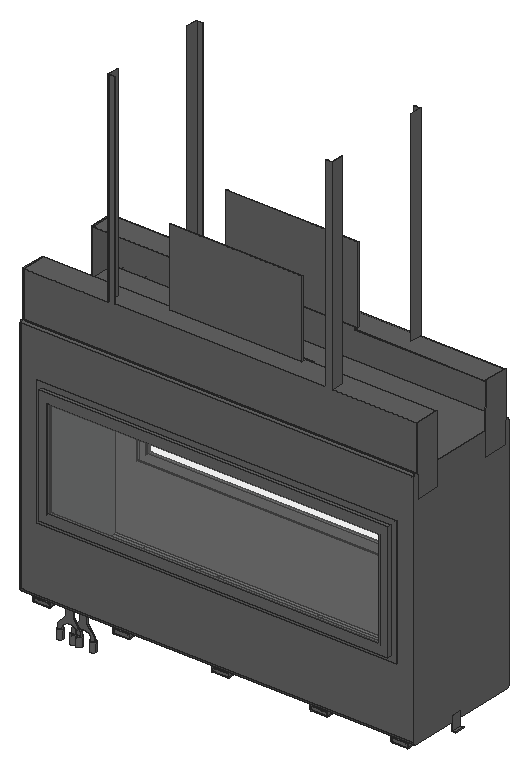
Revit family "Fireplaces_Gas_FireplaceX-Model-4415ST_10305648", category Mechanical Equipment, Revit 2026
Family settings
  Round Connector Dimension = Use Diameter
  Part Type = Normal
  Classification Number = 23.75.00.00
  Work Plane-Based = Yes
  Always vertical = Yes
  Cut with Voids When Loaded = Yes
  Maintain Annotation Orientation = No
  Shared = No
  Room Calculation Point = No
Parameters
  Unit Width = 51 3/16"  # constant formula
  URL = "https://www.davincifireplace.com/"
  Type Comments = ""
  Specification = "https://www.arcat.com/company/davinci-custom-fireplaces-a-division-of-travis-industries-49714/spec"
  R = 2"
  Product Page URL = "https://www.arcat.com/arcatcos/cos49/arc49714.html"
  Pressure Ranges [instance] = "5.5 - 7wc for NG  ;  11 - 13wc for LP"  # constant formula
  Opening Height = 15.2"
  Keynote = "10 31 00"
  Electrical_Number of Poles = 1
  Model = ""
  Manufacturer = "DaVinci Custom Fireplaces , Travis Industries Division"  # constant formula
  Installation Phase = ""
  Inlet Volume [instance] = 0 CFM
  HVAC_Outlet Volume [instance] = 0 CFM
  HVAC_Exit Temperature [instance] = 0 °F
  HVAC_Exit Diameter [instance] = 0"
  HVAC_Entry Diameter [instance] = 0"
  HVAC_BTU Input = 70000.0 Btu/h
  Gas Connection Inlet Diameter = 3/4"
  Unit Height = 37 9/32"  # constant formula
  Green Building-LEED = ""
  Glass = Glass - DaVinci - Clear
  Fuel Type = "LP"
  Electrical_Voltage = 120 V
  Exhaust Dia = R * 2  # 4"
  Electrical_VA [instance] = Electrical_Voltage * Electrical_Amperage  # 840 VA
  Electrical_Amperage = 7 A
  Unit Depth = 16 9/32"  # constant formula
  Description = ""
  Default Elevation = 48"
  Cost = 0
  Copyright = "©2021 ARCAT, Inc"  # constant formula
  Construction Details = "https://www.arcat.com/company/davinci-custom-fireplaces-a-division-of-travis-industries-49714/cad"
  Building Codes = ""
  Assembly Code = ""
Reference planes (in)
  plane 1 "Center (Front/Back)": y = 0
  plane 2: z = 0
  plane 3 "Center (Left/Right)": x = 0
  plane 4: y = 15.78125
  plane 5: x = 25.59375
  plane 6: x = -25.59375
  plane 7: z = 9.436
  plane 8: z = 37.28125
  plane 9: z = 24.636
  plane 10: x = -14.53875
  plane 11: x = 14.53625
  plane 12: x = 24.28125
  plane 13: x = -24.28125
  plane 14: z = 63.669
  plane 15: y = 13.22766
  plane 16: y = 10.082
  plane 17: y = 2.5355
  plane 18: y = 4.16191
  plane 19: z = 31.40625
  plane 20: y = 0.5
  plane 21: x = -25.46875
  plane 22: x = 25.46875
  plane 23: y = 0.9995
  plane 24: x = -5.27644
  plane 25: x = 5.27644
  plane 26: z = 36.53125
  plane 27: x = 24.97091
  plane 28: x = -24.96875
  plane 29: y = 7.89062
  plane 30: y = 12.42966
  plane 31: y = 6.207
  plane 32: x = 24.63525
  plane 33: x = -24.63525
  plane 34: z = 31.46875
  plane 35: x = 25.53092
  plane 36: x = -25.52934
  plane 37: x = -19.52076
  plane 38: x = -17.75921
  plane 39: y = 0
  plane 40: y = 0.25085
  plane 41: y = 16.28125
  plane 42: y = 16.0304
  plane 43: y = 15.28175
  plane 44: x = 22.61451
  plane 45: x = -22.61451
  plane 46: y = 15.84375
  plane 47: y = 0.4375
Forms (in)
  Sweep 1, solid, material "Media - DaVinci - as Specified"
    path origin (0, 0, 0) x (1, 0, 0) y (0, 0, 1)
      loop
        line (22.61451, 24.636) -> (-22.61451, 24.636) -> (-22.61451, 9.436) -> (22.61451, 9.436) -> (22.61451, 24.636)
    profile origin (0, 0, 24.636) x (0, 0, -1) y (0, -1, 0)
      loop
        line (0.10101, -0.5) -> (0.10101, -0.33985) -> (1.20917, -0.33985) -> (1.20917, -0.25085) -> (0.95917, -0.25085) -> (0.95917, 0) -> (1.20917, 0) -> (1.20917, 0.12415) -> (0, 0.12415) -> (0, -0.4375) -> (-0.68446, -0.4375) -> (-0.68446, -0.5) -> (0.10101, -0.5)
      loop
        line (0.10101, -15.78125) -> (-0.68446, -15.78125) -> (-0.68446, -15.84375) -> (0, -15.84375) -> (0, -16.4054) -> (1.20917, -16.4054) -> (1.20917, -16.28125) -> (0.95917, -16.28125) -> (0.95917, -16.0304) -> (1.20917, -16.0304) -> (1.20917, -15.9414) -> (0.10101, -15.9414) -> (0.10101, -15.78125)
  Extrusion 2, solid, material "Media - DaVinci - as Specified"
    sketch origin (0, 0, 0) x (0, 1, 0) y (0, 0, 1)
      loop
        arc (15.53125, 0) -> (15.70803, 0.07322) -> (15.78125, 0.25) r 0.25
        line (15.78125, 0.25) -> (15.78125, 31.15625)
        arc (15.78125, 31.15625) -> (15.70803, 31.33303) -> (15.53125, 31.40625) r 0.25
        line (15.53125, 31.40625) -> (15.28175, 31.40625) -> (15.28175, 37.28125) -> (12.11934, 37.28125) -> (12.11934, 37.21875) -> (15.21925, 37.21875) -> (15.21925, 31.40625) -> (1.062, 31.40625) -> (1.062, 37.21875) -> (4.16191, 37.21875) -> (4.16191, 37.28125) -> (0.9995, 37.28125) -> (0.9995, 31.40625) -> (0.75, 31.40625)
        arc (0.75, 31.40625) -> (0.57322, 31.33303) -> (0.5, 31.15625) r 0.25
        line (0.5, 31.15625) -> (0.5, 0.286)
        arc (0.5, 0.286) -> (0.58377, 0.08377) -> (0.786, 0) r 0.286
        line (0.786, 0) -> (15.53125, 0)
      loop
        arc (15.53125, 0.0625) -> (15.66383, 0.11742) -> (15.71875, 0.25) r 0.1875
        line (15.71875, 0.25) -> (15.71875, 31.15625)
        arc (15.71875, 31.15625) -> (15.66383, 31.28883) -> (15.53125, 31.34375) r 0.1875
        line (15.53125, 31.34375) -> (0.75, 31.34375)
        arc (0.75, 31.34375) -> (0.61742, 31.28883) -> (0.5625, 31.15625) r 0.1875
        line (0.5625, 31.15625) -> (0.5625, 0.286)
        arc (0.5625, 0.286) -> (0.62796, 0.12796) -> (0.786, 0.0625) r 0.2235
        line (0.786, 0.0625) -> (15.53125, 0.0625)
    from -25.46875 to 25.46875
  Sweep 3, solid, material "Media - DaVinci - as Specified"
    path origin (-31.50399, 0.9995, 48) x (-1, 0, 0) y (0, 0, 1)
      loop
        line (-16.96524, 15.669) -> (-16.96524, -10.71875)
    profile origin (-14.53875, 0.9995, 50.47513) x (0, 1, 0) y (-1, 0, 0)
      loop
        line (0, 0) -> (0, -0.86281) -> (0.0625, -0.86281) -> (0.0625, -0.0625) -> (1.536, -0.0625) -> (1.536, 0) -> (0, 0)
      loop
        line (14.28225, 0) -> (12.74625, 0) -> (12.74625, -0.0625) -> (14.21975, -0.0625) -> (14.21975, -0.86281) -> (14.28225, -0.86281) -> (14.28225, 0)
  Sweep 4, solid, material "Media - DaVinci - as Specified"
    path origin (-31.50399, 0.9995, 48) x (-1, 0, 0) y (0, 0, 1)
      loop
        line (-46.04024, 15.669) -> (-46.04024, -10.71875)
    profile origin (14.53625, 0.9995, 50.47513) x (0, 1, 0) y (-1, 0, 0)
      loop
        line (0.0625, 0.0625) -> (0.0625, 0.86281) -> (0, 0.86281) -> (0, 0) -> (1.536, 0) -> (1.536, 0.0625) -> (0.0625, 0.0625)
      loop
        line (14.21975, 0.0625) -> (12.74625, 0.0625) -> (12.74625, 0) -> (14.28225, 0) -> (14.28225, 0.86281) -> (14.21975, 0.86281) -> (14.21975, 0.0625)
  Revolve 5, solid, material "Media - DaVinci - as Specified"
    sketch origin (0, 0, 0) x (0, 1, 0) y (0, 0, 1)
      loop
        line (9.89063, 33.91393) -> (9.89063, 33.34378) -> (11.35229, 33.34378) -> (11.35229, 31.40625) -> (12.1968, 31.40625) -> (12.1968, 31.53125) -> (11.75489, 31.53125)
        arc (11.75489, 31.53125) -> (11.79529, 31.7021) -> (11.71505, 31.85825) r 0.25363
        line (11.71505, 31.85825) -> (11.71505, 32.40625) -> (11.60229, 32.40625) -> (11.60229, 33.59378) -> (10.24862, 33.59378) -> (10.24862, 33.62623) -> (10.39308, 33.87643) -> (10.32812, 33.91393) -> (9.89063, 33.91393)
      axis (7.89062, 33.91393) -> (7.89062, 31.40625)
    angle from 0 to 360
  Extrusion 6, solid, material "Media - DaVinci - as Specified"
    sketch origin (0, 0, 0) x (0, 1, 0) y (0, 0, 1)
      loop
        line (0.786, 0) -> (15.53125, 0)
        arc (15.53125, 0) -> (15.70803, 0.07322) -> (15.78125, 0.25) r 0.25
        line (15.78125, 0.25) -> (15.78125, 31.15625)
        arc (15.78125, 31.15625) -> (15.70803, 31.33303) -> (15.53125, 31.40625) r 0.25
        line (15.53125, 31.40625) -> (0.75, 31.40625)
        arc (0.75, 31.40625) -> (0.57322, 31.33303) -> (0.5, 31.15625) r 0.25
        line (0.5, 31.15625) -> (0.5, 0.286)
        arc (0.5, 0.286) -> (0.58377, 0.08377) -> (0.786, 0) r 0.286
    from -25.52934 to -25.46875
  Extrusion 7, solid, material "Media - DaVinci - as Specified"
    sketch origin (0, 0, 0) x (0, 1, 0) y (0, 0, 1)
      loop
        arc (0.5, 0.286) -> (0.58377, 0.08377) -> (0.786, 0) r 0.286
        line (0.786, 0) -> (15.53125, 0)
        arc (15.53125, 0) -> (15.70803, 0.07322) -> (15.78125, 0.25) r 0.25
        line (15.78125, 0.25) -> (15.78125, 31.15625)
        arc (15.78125, 31.15625) -> (15.70803, 31.33303) -> (15.53125, 31.40625) r 0.25
        line (15.53125, 31.40625) -> (0.75, 31.40625)
        arc (0.75, 31.40625) -> (0.57322, 31.33303) -> (0.5, 31.15625) r 0.25
        line (0.5, 31.15625) -> (0.5, 0.286)
    from 25.46875 to 25.53092
  Extrusion 8, solid, material "Media - DaVinci - as Specified"
    sketch origin (0, 0, 0) x (0, 1, 0) y (0, 0, 1)
      loop
        line (4.16191, 28.45025) -> (4.16191, 34.05884) -> (4.0355, 34.18525) -> (4.0355, 37.28125) -> (0.9995, 37.28125) -> (0.9995, 31.40625) -> (1.1135, 31.40625) -> (1.1135, 28.45025) -> (4.16191, 28.45025)
    from -25.59375 to -25.46875
  Extrusion 9, solid, material "Media - DaVinci - as Specified"
    sketch origin (0, 0, 0) x (0, 1, 0) y (0, 0, 1)
      loop
        line (4.16191, 28.45025) -> (4.16191, 34.05884) -> (4.0355, 34.18525) -> (4.0355, 37.28125) -> (0.9995, 37.28125) -> (0.9995, 31.40625) -> (1.1135, 31.40625) -> (1.1135, 28.45025) -> (4.16191, 28.45025)
    from 25.46875 to 25.59375
  Sweep 10, solid, material "Media - DaVinci - as Specified"
    path origin (-25.59375, 27.12844, 48) x (0, 1, 0) y (0, 0, 1)
      loop
        line (-19.23781, -48) -> (-20.46731, -48)
    profile origin (-25.59375, 7.27588, 0) x (0, 0, -1) y (1, 0, 0)
      loop
        line (-0.751, 0) -> (0.95162, 0) -> (0.95162, -0.43259) -> (1.02396, -0.43259) -> (1.02396, 0.06441) -> (-0.751, 0.06441) -> (-0.751, 0)
  Sweep 11, solid, material "Media - DaVinci - as Specified"
    path origin (25.59375, 27.12844, 48) x (0, 1, 0) y (0, 0, 1)
      loop
        line (-20.46731, -48) -> (-19.23781, -48)
    profile origin (25.59375, 7.27588, 0) x (0, 0, 1) y (1, 0, 0)
      loop
        line (0.751, 0.00158) -> (-0.95162, 0.00158) -> (-0.95162, 0.43417) -> (-1.02396, 0.43417) -> (-1.02396, -0.06283) -> (0.751, -0.06283) -> (0.751, 0.00158)
  Revolve 12, void
    sketch origin (0, 0, 0) x (0, 1, 0) y (0, 0, 1)
      loop
        line (9.89062, 27.9559) -> (11.35229, 27.9559) -> (11.35229, 31.53125) -> (7.89062, 31.53125) -> (7.89062, 24.636) -> (9.89062, 24.636) -> (9.89062, 27.9559)
      axis (7.89062, 31.53125) -> (7.89062, 24.636)
    angle from 0 to 360
  Extrusion 13, solid, material "Glass - DaVinci - Clear" <- "Glass"
    sketch origin (-31.50399, 15.78125, 48) x (-1, 0, 0) y (0, 0, 1)
      loop
        line (-53.15933, -24.32317) -> (-53.15933, -37.60483) -> (-9.84865, -37.60483) -> (-9.84865, -24.32317) -> (-53.15933, -24.32317)
    from -15.5304 to -15.78125
  Extrusion 14, void
    sketch origin (0, 0, 0) x (1, 0, 0) y (0, 0, 1)
      loop
        line (-22.61451, 24.636) -> (-22.61451, 9.436) -> (22.61451, 9.436) -> (22.61451, 24.636) -> (-22.61451, 24.636)
    from -16.9414 to 0.34362
  Extrusion 15, void
    sketch origin (-31.50399, 15.78125, 48) x (1, 0, 0) y (0, 0, 1)
      loop
        line (5.91024, -48) -> (57.09774, -48) -> (57.09774, -10.71875) -> (46.04024, -10.71875) -> (46.04024, 15.669) -> (16.96524, 15.669) -> (16.96524, -10.71875) -> (5.91024, -10.71875) -> (5.91024, -48)
    from -0.0625 to 15.28125
  Extrusion 16, void
    sketch origin (-31.50399, 15.78125, 48) x (1, 0, 0) y (0, 0, 1)
      loop
        line (54.1185, -23.364) -> (8.88948, -23.364) -> (8.88948, -38.564) -> (54.1185, -38.564) -> (54.1185, -23.364)
    from -2.94081 to 17.12487
  Extrusion 17, solid, material "Media - DaVinci - as Specified"
    sketch origin (-25.59375, 27.12844, 48) x (0, 1, 0) y (0, 0, 1)
      loop
        circle (-22.96652, -43.65247) r 0.25
    from 0.06441 to -0.87185
  Extrusion 18, solid, material "Media - DaVinci - as Specified"
    sketch origin (0, 0, 0) x (1, 0, 0) y (0, 1, 0)
      loop
        line (-3.02644, 12.42966) -> (-5.27644, 10.17966) -> (-5.27644, 5.60159) -> (-3.02701, 3.35216) -> (3.02701, 3.35216) -> (5.27644, 5.60159) -> (5.27644, 10.17966) -> (3.02644, 12.42966) -> (-3.02644, 12.42966)
    from 31.40625 to 31.46875
  Extrusion 19, solid, material "Glass - DaVinci - Clear" <- "Glass"
    sketch origin (-31.50399, 0, 48) x (-1, 0, 0) y (0, 0, -1)
      loop
        line (-53.15933, 24.32317) -> (-9.84865, 24.32317) -> (-9.84865, 37.60483) -> (-53.15933, 37.60483) -> (-53.15933, 24.32317)
    from -16.0304 to -16.28125
  Extrusion 20, solid, material "Media - DaVinci - as Specified"
    sketch origin (0, 16.78125, 0) x (0, -1, 0) y (0, 0, -1)
      loop
        line (4.66191, -28.45025) -> (1.6135, -28.45025) -> (1.6135, -31.40625) -> (1.4995, -31.40625) -> (1.4995, -37.28125) -> (4.5355, -37.28125) -> (4.5355, -34.18525) -> (4.66191, -34.05884) -> (4.66191, -28.45025)
    from -25.59375 to -25.46875
  Extrusion 21, solid, material "Media - DaVinci - as Specified"
    sketch origin (0, 16.78125, 0) x (0, -1, 0) y (0, 0, -1)
      loop
        line (4.66191, -28.45025) -> (1.6135, -28.45025) -> (1.6135, -31.40625) -> (1.4995, -31.40625) -> (1.4995, -37.28125) -> (4.5355, -37.28125) -> (4.5355, -34.18525) -> (4.66191, -34.05884) -> (4.66191, -28.45025)
    from 25.46875 to 25.59375
  Extrusion 22, void
    sketch origin (0, 0, 0) x (1, 0, 0) y (0, 1, 0)
      loop
        line (-8.56375, 12.61934) -> (-8.56375, 3.66191) -> (8.56125, 3.66191) -> (8.56125, 12.61934) -> (-8.56375, 12.61934)
    from 36.53125 to 37.28125
  Extrusion 23, solid, material "Media - DaVinci - as Specified"
    sketch origin (0, 0, 0) x (1, 0, 0) y (0, 1, 0)
      loop
        line (-8.56375, 12.61934) -> (8.56125, 12.61934) -> (8.56125, 12.68184) -> (-8.56375, 12.68184) -> (-8.56375, 12.61934)
      loop
        line (-8.56375, 3.59941) -> (8.56125, 3.59941) -> (8.56125, 3.66191) -> (-8.56375, 3.66191) -> (-8.56375, 3.59941)
    from 37.28125 to 47.246
Cuts and joins
  Revolve 12, Extrusion 14, Extrusion 22 cuts Extrusion 2
  Extrusion 16, Extrusion 22 cuts Sweep 3
  Extrusion 16, Extrusion 22 cuts Sweep 4
  Extrusion 16, Extrusion 22 cuts Revolve 5
  Revolve 12, Extrusion 22 cuts Extrusion 18
  joined: Extrusion 2, Sweep 3, Sweep 4, Revolve 5, Extrusion 18
  Revolve 12 cuts Extrusion 6
Dimensions and locks (in)
  equal spacing: plane 6, plane 3 "Center (Left/Right)", plane 5
  "Unit Width": plane 6 to plane 5
  "Unit Height": plane 8 to plane 2
  locked: plane 7 to level at 9.436
  locked: plane 6 to plane 21 at 0.125
  locked: plane 22 to plane 5 at 0.125
  locked: plane 5 to plane 12 at 1.3125
  locked: plane 13 to plane 6 at 1.3125
  "Opening Height": plane 9 to plane 7
  equal spacing: plane 24, plane 3 "Center (Left/Right)", plane 25, locked at 5.27644 each
  locked: plane 24 to plane 25 at 10.55288
  locked: plane 26 to plane 8 at 0.75
  locked: plane 19 to plane 8 at 5.875
  locked: plane 27 to plane 5 at 0.62284
  locked: plane 6 to plane 28 at 0.625
  Revolve 5 sketch curve to Revolve 5 sketch curve to Revolve 5 sketch curve to Revolve 5 sketch curve to Revolve 5 sketch curve to Revolve 5 sketch curve to Revolve 5 sketch curve = 0.48175" locked, 0.11276" locked, 1.20922" locked, 0.06495" locked, 0.0795" locked, 0.358" locked
  "R": Revolve 5 sketch curve to plane 29
  locked: Revolve 5 sketch curve to Revolve 5 sketch curve at 0.25  (x2)
  equal spacing: plane 4, plane 29, plane 1 "Center (Front/Back)"
  locked: plane 32 to plane 5 at 0.9585
  locked: plane 6 to plane 33 at 0.9585
  plane 16 to plane 18 to plane 17 to plane 1 "Center (Front/Back)" = 5.92009" locked, 1.62641" locked, 2.5355" locked
  locked: plane 31 to plane 18 at 2.04509
  plane 4 to plane 15 to plane 30 = 2.55359" locked, 0.798" locked
  locked: plane 19 to plane 34 at 0.0625
  locked: plane 20 to Sweep 1 sketch curve at 0.0625
  locked: plane 5 to nested 5 at 2.3125
  locked: nested 1 to plane 21 at 2.3125
  equal spacing: plane 3 "Center (Left/Right)", nested 2, plane 6
  equal spacing: plane 5, nested 4, plane 3 "Center (Left/Right)"
  plane 6 to plane 21 = 1/8"
  locked: plane 35 to plane 5 at 0.06283
  locked: plane 6 to plane 36 at 0.06441
  locked: Revolve 12 sketch curve to Revolve 12 sketch curve at 1.46167
  "R": Revolve 12 sketch curve to Revolve 12 sketch curve
  locked: plane 9 to Revolve 12 sketch curve at 3.3199
  plane 6 to plane 37 to plane 38 = 6.07299" locked, 1.76155" locked
  locked: plane 29 to Sweep 11 sketch curve at 1.2295
  locked: plane 29 to Sweep 10 sketch curve at 1.2295
  locked: Extrusion 2 sketch curve to plane 8 at 0.0625
  locked: Extrusion 2 sketch curve to plane 23 at 0.0625
  locked: plane 6 to Extrusion 17 at 0.87185
  locked: plane 40 to plane 1 "Center (Front/Back)" at 0.25085
  plane 11 to plane 3 "Center (Left/Right)" to plane 10 = 14.53625", 14.53875"
  plane 1 "Center (Front/Back)" to plane 40 to plane 20 = 0.25085" locked, 0.24915" locked
  plane 4 to Sweep 3 sketch curve = 0.4995"
  locked: plane 4 to Sweep 4 sketch curve at 0.4995
  equal spacing: plane 44, plane 3 "Center (Left/Right)", plane 45
  plane 44 to plane 45 = 45.22902"
  "Unit Depth": plane 41 to plane 39
  plane 4 to plane 42 to plane 41 = 0.24915" locked, 0.25085" locked
  locked: plane 46 to plane 4 at 0.0625
  locked: plane 20 to plane 47 at 0.0625
  aligned and locked: level to plane 2
  aligned and locked: Sweep 1 sketch curve to plane 9
  aligned and locked: Sweep 1 sketch curve to plane 7
  aligned and locked: level to Extrusion 2 sketch curve
  aligned and locked: plane 20 to Extrusion 2 sketch curve
  aligned and locked: plane 19 to Extrusion 2 sketch curve
  aligned and locked: plane 22 to Extrusion 2
  aligned and locked: Extrusion 2 to plane 21
  aligned and locked: plane 8 to Extrusion 2 sketch curve  (x2)
  aligned and locked: Extrusion 2 sketch curve to plane 18
  aligned and locked: plane 14 to Sweep 3 sketch curve
  aligned and locked: plane 10 to Sweep 3 sketch curve
  aligned and locked: plane 17 to Sweep 3 sketch curve
  aligned and locked: Sweep 3 sketch curve to plane 10
  aligned and locked: Sweep 3 sketch curve to plane 23
  aligned and locked: Sweep 4 sketch curve to plane 11  (x2)
  aligned and locked: plane 14 to Sweep 4 sketch curve
  aligned and locked: plane 23 to Sweep 4 sketch curve
  aligned and locked: Sweep 4 sketch curve to plane 17
  aligned and locked: Revolve 5 sketch curve to plane 29
  aligned and locked: plane 20 to Sweep 1 sketch curve
  aligned and locked: plane 1 "Center (Front/Back)" to nested 1
  aligned and locked: nested 3 to plane 3 "Center (Left/Right)"
  aligned and locked: plane 21 to Extrusion 6
  aligned and locked: Extrusion 6 to plane 36
  aligned and locked: Extrusion 6 sketch curve to cut or joined group 1 (Extrusion 2, Sweep 3, Sweep 4, Revolve 5, Revolve 12, Extrusion 14, Extrusion 16, Extrusion 18, Extrusion 22)  (x4)
  aligned and locked: Extrusion 7 sketch curve to cut or joined group 1  (x4)
  aligned and locked: Extrusion 7 to plane 22
  aligned and locked: plane 35 to Extrusion 7
  aligned and locked: plane 1 "Center (Front/Back)" to nested 5
  aligned and locked: plane 1 "Center (Front/Back)" to nested 4
  aligned and locked: plane 1 "Center (Front/Back)" to nested 3
  aligned and locked: plane 1 "Center (Front/Back)" to nested 2
  aligned and locked: plane 18 to Extrusion 8 sketch curve
  aligned and locked: plane 18 to Extrusion 9 sketch curve
  aligned and locked: Extrusion 9 sketch curve to plane 19
  aligned and locked: Extrusion 9 sketch curve to plane 23
  aligned and locked: Extrusion 9 to plane 8
  aligned and locked: Extrusion 8 to plane 8
  aligned and locked: Extrusion 9 to plane 22
  aligned and locked: plane 21 to Extrusion 8
  aligned and locked: Extrusion 8 to plane 6
  aligned and locked: plane 5 to Extrusion 9
  aligned and locked: plane 37 to nested 6
  aligned and locked: plane 38 to nested 7
  aligned and locked: nested 6 to plane 23
  aligned and locked: nested 7 to plane 23
  aligned and locked: level to Sweep 10 sketch curve
  aligned and locked: plane 29 to Sweep 10 sketch curve
  aligned and locked: Sweep 10 sketch curve to plane 6
  aligned and locked: plane 29 to Sweep 11 sketch curve
  aligned and locked: Sweep 11 sketch curve to level
  aligned and locked: Revolve 12 sketch curve to Revolve 12 sketch curve
  aligned and locked: Revolve 12 sketch curve to plane 29
  aligned and locked: Revolve 12 sketch curve to plane 9
  aligned and locked: Extrusion 13 sketch curve to Sweep 1  (x4)
  aligned and locked: plane 40 to Extrusion 13
  aligned and locked: Extrusion 13 to plane 39
  aligned and locked: plane 9 to Extrusion 14 sketch curve
  aligned and locked: plane 7 to Extrusion 14 sketch curve
  aligned and locked: Extrusion 15 sketch curve to level
  aligned and locked: Extrusion 15 sketch curve to plane 6
  aligned and locked: Extrusion 15 sketch curve to plane 5
  aligned and locked: Extrusion 15 sketch curve to plane 10
  aligned and locked: Extrusion 15 sketch curve to plane 14
  aligned and locked: Extrusion 15 sketch curve to plane 11
  aligned and locked: Extrusion 15 sketch curve to plane 8
  aligned and locked: Extrusion 15 to Sweep 1
  aligned and locked: Extrusion 16 sketch curve to plane 9
  aligned and locked: Extrusion 16 sketch curve to plane 7
  aligned and locked: plane 18 to Extrusion 17 sketch curve
  aligned and locked: plane 36 to Extrusion 17
  aligned and locked: plane 40 to Sweep 1
  aligned and locked: plane 39 to Sweep 1
  aligned and locked: plane 39 to plane 1 "Center (Front/Back)"
  aligned and locked: Extrusion 18 sketch curve to plane 30
  aligned and locked: plane 24 to Extrusion 18 sketch curve
  aligned and locked: Extrusion 18 sketch curve to plane 25
  aligned and locked: plane 19 to Extrusion 18
  aligned and locked: Extrusion 18 to plane 34
  aligned and locked: plane 4 to Extrusion 2 sketch curve
  aligned and locked: Extrusion 20 to cut or joined group 1
  aligned and locked: Extrusion 20 to plane 8
  aligned and locked: plane 8 to Sweep 3 sketch curve
  aligned and locked: plane 8 to Sweep 4 sketch curve
  aligned and locked: plane 26 to Extrusion 22
  aligned and locked: Extrusion 22 to plane 8
  aligned and locked: Extrusion 23 sketch curve to cut or joined group 1  (x2)
  aligned and locked: plane 21 to Extrusion 20
  aligned and locked: Extrusion 20 to plane 6
  aligned and locked: Extrusion 21 to plane 22
  aligned and locked: plane 5 to Extrusion 21
  aligned and locked: Sweep 1 sketch curve to plane 44
  aligned and locked: Sweep 1 sketch curve to plane 45
  aligned and locked: Extrusion 16 sketch curve to plane 45
  aligned and locked: Extrusion 16 sketch curve to plane 44
  aligned and locked: plane 44 to Extrusion 14 sketch curve
  aligned and locked: plane 45 to Extrusion 14 sketch curve
  aligned and locked: Extrusion 19 to Sweep 1  (x2)
  aligned and locked: plane 46 to Extrusion 15
  aligned and locked: Extrusion 19 to plane 42
  aligned and locked: Extrusion 19 to plane 41
  aligned and locked: Extrusion 22 to Extrusion 23
  aligned and locked: Extrusion 23 to Extrusion 22
Automatic sketch dimensions
  Extrusion 2 sketch curve to Extrusion 2 sketch curve = 0"  (x8)
  Extrusion 2 sketch curve to plane 23 = 0"
  plane 19 to Extrusion 2 sketch curve = 0"
  Extrusion 2 sketch curve to Extrusion 2 sketch curve = 1/16"  (x2)
  Extrusion 2 sketch curve to Extrusion 2 sketch curve = 3/16"  (x3)
  Extrusion 2 sketch curve to plane 23 = 0.2135"
  Extrusion 2 sketch curve to plane 30 = 0.31032"
  Extrusion 2 sketch curve to Extrusion 2 sketch curve = 0.4995"
  plane 8 to Extrusion 2 sketch curve = 1/16"
  plane 19 to Extrusion 8 sketch curve = 0"
  Extrusion 8 sketch curve to plane 23 = 0"
  plane 8 to Extrusion 8 sketch curve = 0"
  plane 23 to Extrusion 8 sketch curve = 0.114"
  Extrusion 8 sketch curve to plane 18 = 0.12641"
  plane 19 to Extrusion 8 sketch curve = 2.956"
  plane 26 to Extrusion 8 sketch curve = 2.47241"
  Extrusion 8 sketch curve to Extrusion 8 sketch curve = 0.12641"
  plane 8 to Extrusion 9 sketch curve = 0"
  plane 23 to Extrusion 9 sketch curve = 0.114"
  Extrusion 9 sketch curve to plane 18 = 0.12641"
  plane 19 to Extrusion 9 sketch curve = 2.956"
  plane 26 to Extrusion 9 sketch curve = 2.47241"
  Extrusion 9 sketch curve to Extrusion 9 sketch curve = 0.12641"
  profile plane to Sweep 10 sketch curve = 0.751"
  Sweep 10 sketch curve to profile plane = 0.95162"
  Sweep 10 sketch curve to Sweep 10 sketch curve = 0.07234"
  Sweep 10 sketch curve to plane 6 = 0.43259"
  plane 6 to Sweep 10 sketch curve = 0.06441"
  Sweep 11 sketch curve to plane 5 = 0.06283"
  profile plane to Sweep 11 sketch curve = 1.02396"
  plane 5 to Sweep 11 sketch curve = 0.00158"
  Sweep 11 sketch curve to Sweep 11 sketch curve = 0.07234"
  Sweep 11 sketch curve to profile plane = 0.751"
  plane 5 to Sweep 11 sketch curve = 0.43417"
  Extrusion 15 sketch curve to plane 8 = 0"
  level to Extrusion 17 sketch curve = 4.34753"
  Extrusion 19 sketch curve to plane 12 = 2.62591"
  Extrusion 19 sketch curve to plane 13 = 2.62591"
  plane 9 to Extrusion 19 sketch curve = 0.95917"
  plane 7 to Extrusion 19 sketch curve = 0.95917"
  plane 19 to Extrusion 20 sketch curve = 0"
  plane 8 to Extrusion 20 sketch curve = 0"
  plane 4 to Extrusion 20 sketch curve = 0.4995"
  plane 4 to Extrusion 20 sketch curve = 0.6135"
  plane 30 to Extrusion 20 sketch curve = 0.18391"
  plane 30 to Extrusion 20 sketch curve = 0.31032"
  Extrusion 20 sketch curve to plane 19 = 2.956"
  Extrusion 20 sketch curve to plane 26 = 2.47241"
  Extrusion 20 sketch curve to Extrusion 20 sketch curve = 0.12641"
  plane 19 to Extrusion 21 sketch curve = 0"
  plane 8 to Extrusion 21 sketch curve = 0"
  plane 4 to Extrusion 21 sketch curve = 0.4995"
  plane 4 to Extrusion 21 sketch curve = 0.6135"
  plane 30 to Extrusion 21 sketch curve = 0.18391"
  plane 30 to Extrusion 21 sketch curve = 0.31032"
  Extrusion 21 sketch curve to plane 19 = 2.956"
  Extrusion 21 sketch curve to plane 26 = 2.47241"
  Extrusion 21 sketch curve to Extrusion 21 sketch curve = 0.12641"
  Sweep 3 sketch curve to profile plane = 0"
  plane 23 to Sweep 3 sketch curve = 1/16"
  profile plane to Sweep 3 sketch curve = 1/16"  (x2)
  Sweep 3 sketch curve to Sweep 3 sketch curve = 1.4735"
  Sweep 3 sketch curve to Sweep 3 sketch curve = 1/16"
  Sweep 3 sketch curve to Sweep 3 sketch curve = 0.80031"  (x2)
  Sweep 4 sketch curve to profile plane = 0"
  plane 23 to Sweep 4 sketch curve = 1/16"
  Sweep 4 sketch curve to profile plane = 1/16"  (x2)
  Sweep 4 sketch curve to Sweep 4 sketch curve = 1.4735"
  Sweep 4 sketch curve to Sweep 4 sketch curve = 1/16"
  Sweep 4 sketch curve to Sweep 4 sketch curve = 0.80031"  (x2)
  Extrusion 22 sketch curve to plane 24 = 3.28731"
  plane 25 to Extrusion 22 sketch curve = 3.28481"
  plane 30 to Extrusion 22 sketch curve = 0.18968"
  Extrusion 22 sketch curve to plane 18 = 1/2"
  Extrusion 23 sketch curve to plane 24 = 3.28731"  (x2)
  Extrusion 23 sketch curve to plane 18 = 9/16"
  plane 25 to Extrusion 23 sketch curve = 3.28481"
  Extrusion 23 sketch curve to Extrusion 23 sketch curve = 1/16"
  Extrusion 23 sketch curve to plane 11 = 5.975"
  Sweep 1 sketch curve to profile plane = 0"  (x2)
  Sweep 1 sketch curve to plane 1 "Center (Front/Back)" = 0"
  profile plane to Sweep 1 sketch curve = 0.68446"  (x2)
  Sweep 1 sketch curve to profile plane = 0.10101"  (x2)
  Sweep 1 sketch curve to Sweep 1 sketch curve = 0.85816"  (x2)
  Sweep 1 sketch curve to Sweep 1 sketch curve = 1/4"  (x4)
  Sweep 1 sketch curve to Sweep 1 sketch curve = 15 9/32"
  Sweep 1 sketch curve to Sweep 1 sketch curve = 1/16"
  Sweep 1 sketch curve to Sweep 1 sketch curve = 41/256"
  Sweep 1 sketch curve to Sweep 1 sketch curve = 0.089"
  Sweep 1 sketch curve to Sweep 1 sketch curve = 0.25085"
  Sweep 1 sketch curve to Sweep 1 sketch curve = 0.12415"  (x2)
  Sweep 1 sketch curve to plane 1 "Center (Front/Back)" = 87/256"
  Sweep 1 sketch curve to plane 1 "Center (Front/Back)" = 0.25085"
  Extrusion 18 sketch curve to plane 18 = 0.80975"
  plane 24 to Extrusion 18 sketch curve = 2.24943"
  plane 24 to Extrusion 18 sketch curve = 2 1/4"
  Extrusion 18 sketch curve to plane 25 = 2 1/4"
  Extrusion 18 sketch curve to plane 25 = 2.24943"
  Extrusion 18 sketch curve to plane 31 = 0.60541"  (x2)
  plane 16 to Extrusion 18 sketch curve = 25/256"  (x2)
  plane 19 to Revolve 5 sketch curve = 0"
  Revolve 5 sketch curve to Revolve 5 sketch curve = 0.17153"
  Revolve 5 sketch curve to plane 34 = 1/16"
  Revolve 5 sketch curve to Revolve 5 sketch curve = 0.21137"
  Revolve 5 sketch curve to plane 34 = 0.20267"
  Revolve 5 sketch curve to Revolve 5 sketch curve = 0.548"
  Revolve 5 sketch curve to plane 34 = 1.87503"
  Revolve 5 sketch curve to Revolve 5 sketch curve = 0.03245"
  Revolve 5 sketch curve to Revolve 5 sketch curve = 0.2502"
  Revolve 5 sketch curve to level = 21.49232"
  Revolve 5 sketch curve to plane 14 = 41.5674"
  Revolve 12 sketch curve to plane 34 = 1/16"
  Revolve 12 sketch curve to level = 21.49232"
  Revolve 12 sketch curve to plane 14 = 41.5674"
  radius of Extrusion 17 sketch curve = 1/4"
Nested families (in)
  nested 1: "Support Frame" at (-23.15625, 1, 0) x (-1, 0, 0) z (0, 0, -1), type "Support Frame"
  nested 2: "Support Frame" at (-12.79688, 1, 0) x (-1, 0, 0) z (0, 0, -1), type "Support Frame"
  nested 3: "Support Frame" at (0, 1, 0) x (-1, 0, 0) z (0, 0, -1), type "Support Frame"
  nested 4: "Support Frame" at (12.79688, 1, 0) x (-1, 0, 0) z (0, 0, -1), type "Support Frame"
  nested 5: "Support Frame" at (23.28125, 1, 0) x (-1, 0, 0) z (0, 0, -1), type "Support Frame"
  nested 6: "Intakes" at (-19.52076, 0.9995, 0) x (-1, 0, 0) z (0, 0, -1), type "Intakes"
  nested 7: "Intakes" at (-17.75921, 0.9995, 0) x (-1, 0, 0) z (0, 0, -1), type "Intakes"
Connectors (in)
  hvac at (0, 7.89062, 33.91393), driven by "Exhaust Dia"
    settings: on Revolve 5, index 1, duct flow 0 CFM, flow factor 0, pres drop 0.00 in-wg, loss coef 0, conn angle 0.00°, conn width 12", conn height 12", conn diameter 4", duct sys type 3, conn prof type 0, flow config 0, flow direction 2, loss method 0, conn ref index -1, conn util no, is conn primary yes, conn desc ""
  piping at (-16.50921, 1.03075, -4.00534), diameter 0.75, driven by "Gas Connection Inlet Diameter"
    settings: on nested 7, index 2, connector inside diameter 24", connector length 0", flow factor 0, pipe flow 0 GPM, pressure drop 0.00 psi, fitting loss kfactor 0, connector angle 0.00°, fixture units 0, engagement length 0", angle of deflection 0.00°, flow configuration 0, flow direction 1, fitting loss method 0, system type 29, joint type 0, gender type 0, connector reference index -1, connector utility 0, adjustable connector no, is connector primary yes, connector description ""
  piping at (-18.27076, 1.03075, -4.00534), diameter 0.75, driven by "Gas Connection Inlet Diameter"
    settings: on nested 6, index 3, connector inside diameter 24", connector length 0", flow factor 0, pipe flow 0 GPM, pressure drop 0.00 psi, fitting loss kfactor 0, connector angle 0.00°, fixture units 0, engagement length 0", angle of deflection 0.00°, flow configuration 0, flow direction 1, fitting loss method 0, system type 29, joint type 0, gender type 0, connector reference index -1, connector utility 0, adjustable connector no, is connector primary no, connector description ""
  piping at (-19.00921, 1.03075, -4.00534), diameter 0.75, driven by "Gas Connection Inlet Diameter"
    settings: on nested 7, index 4, connector inside diameter 24", connector length 0", flow factor 0, pipe flow 0 GPM, pressure drop 0.00 psi, fitting loss kfactor 0, connector angle 0.00°, fixture units 0, engagement length 0", angle of deflection 0.00°, flow configuration 0, flow direction 1, fitting loss method 0, system type 29, joint type 0, gender type 0, connector reference index -1, connector utility 0, adjustable connector no, is connector primary no, connector description ""
  piping at (-20.77076, 1.03075, -4.00534), diameter 0.75, driven by "Gas Connection Inlet Diameter"
    settings: on nested 6, index 5, connector inside diameter 24", connector length 0", flow factor 0, pipe flow 0 GPM, pressure drop 0.00 psi, fitting loss kfactor 0, connector angle 0.00°, fixture units 0, engagement length 0", angle of deflection 0.00°, flow configuration 0, flow direction 1, fitting loss method 0, system type 29, joint type 0, gender type 0, connector reference index -1, connector utility 0, adjustable connector no, is connector primary no, connector description ""
  electrical at (-26.4656, 4.16191, 4.34753), driven by "Electrical_Number of Poles", driven by "Electrical_Voltage", driven by "HVAC_BTU Input", driven by "Cost"
    settings: on Extrusion 17, index 6, voltage 120 V, apparent load 20515 VA, apparent load phase1 0 VA, apparent load phase2 0 VA, apparent load phase3 0 VA, power factor 0, load classification "Other", number of poles 1, system type 30, power factor state 1, is connector primary yes, connector utility no, sub classification motor no, connector description ""
Definition of nested family "Support Frame"
  Parameters (values of type "Support Frame")
    Frame = none
    Depth = 16 9/32"
    Default Elevation = 48"
  Reference planes (in)
    plane 1 "Center (Front/Back)": y = 0
    plane 2: z = 0
    plane 3 "Center (Left/Right)": x = 0
    plane 4: y = 15.28125
    plane 5: y = 0.0625
    plane 6: y = -1
    plane 7: x = 0
    plane 8: y = 14.28125
    plane 9: y = 14.21875
  Forms (in)
    Extrusion 1, solid
      sketch origin (0, 0, 0) x (1, 0, 0) y (0, 1, 0)
        loop
          line (-48, 48) -> (-48, -48) -> (48, -48) -> (48, 48) -> (-48, 48)
      from 0 to -12
    Sweep 2, solid, material <- "Frame"
      path origin (19.5, -9.15405, 0) x (1, 0, 0) y (0, 1, 0)
        loop
          line (-19.5, 23.4353) -> (-19.5, 9.15405)
      profile origin (0, 7.14062, 0) x (1, 0, 0) y (0, 0, 1)
        loop
          line (-1.785, 0) -> (-1.215, 0.00025)
          arc (-1.215, 0.00025) -> (-1.09833, 0.04858) -> (-1.05, 0.16525) r 0.165
          line (-1.05, 0.16525) -> (-1.05, 0.835)
          arc (-1.05, 0.835) -> (-1.02364, 0.89864) -> (-0.96, 0.925) r 0.09
          line (-0.96, 0.925) -> (0.96, 0.925)
          arc (0.96, 0.925) -> (1.02368, 0.8986) -> (1.05, 0.8349) r 0.09
          line (1.05, 0.8349) -> (1.05, 0.165)
          arc (1.05, 0.165) -> (1.09833, 0.04833) -> (1.215, 0) r 0.165
          line (1.215, 0) -> (1.785, 0) -> (1.785, 0.07498) -> (1.21506, 0.07498)
          arc (1.21506, 0.07498) -> (1.15126, 0.10149) -> (1.12503, 0.16541) r 0.09003
          line (1.12503, 0.16541) -> (1.12503, 0.83499)
          arc (1.12503, 0.83499) -> (1.0767, 0.95168) -> (0.96002, 1.00001) r 0.16501
          line (0.96002, 1.00001) -> (-0.96, 1.00001)
          arc (-0.96, 1.00001) -> (-1.07684, 0.95152) -> (-1.125, 0.83454) r 0.165
          line (-1.125, 0.83454) -> (-1.125, 0.165)
          arc (-1.125, 0.165) -> (-1.15142, 0.1013) -> (-1.21518, 0.075) r 0.09
          line (-1.21518, 0.075) -> (-1.785, 0.075) -> (-1.785, 0)
    Extrusion 3, solid, material <- "Frame"
      sketch origin (-10.03524, -8.15455, 48) x (-1, 0, 0) y (0, 0, 1)
        loop
          line (-8.98524, -47.5) -> (-8.98524, -47.165)
          arc (-8.98524, -47.165) -> (-9.0116, -47.10136) -> (-9.07524, -47.075) r 0.09
          line (-9.07524, -47.075) -> (-10.99524, -47.075)
          arc (-10.99524, -47.075) -> (-11.05892, -47.1014) -> (-11.08524, -47.1651) r 0.09
          line (-11.08524, -47.1651) -> (-11.08524, -47.5) -> (-8.98524, -47.5)
      from 8.15455 to 8.21705
    Extrusion 4, solid, material <- "Frame"
      sketch origin (-10.03524, 7.15505, 48) x (-1, 0, 0) y (0, 0, -1)
        loop
          line (-8.98524, 47.5) -> (-11.08524, 47.5) -> (-11.08524, 47.1651)
          arc (-11.08524, 47.1651) -> (-11.05892, 47.1014) -> (-10.99524, 47.075) r 0.09
          line (-10.99524, 47.075) -> (-9.07524, 47.075)
          arc (-9.07524, 47.075) -> (-9.0116, 47.10136) -> (-8.98524, 47.165) r 0.09
          line (-8.98524, 47.165) -> (-8.98524, 47.5)
      from -7.1262 to -7.0637
  Dimensions and locks (in)
    locked: plane 6 to plane 1 "Center (Front/Back)" at 1
    "Depth": plane 6 to plane 4
    locked: plane 1 "Center (Front/Back)" to plane 5 at 0.0625
    locked: plane 9 to plane 8 at 0.0625
    aligned and locked: plane 2 to Extrusion 1
    aligned and locked: level to Extrusion 1
    aligned and locked: plane 1 "Center (Front/Back)" to Sweep 2 sketch curve
    aligned and locked: Sweep 2 sketch curve to plane 3 "Center (Left/Right)"
    aligned and locked: Extrusion 3 to plane 5
    aligned and locked: plane 1 "Center (Front/Back)" to Extrusion 3
    aligned and locked: Extrusion 3 to Sweep 2
    aligned and locked: Extrusion 3 sketch curve to Sweep 2  (x3)
    aligned and locked: Sweep 2 to Extrusion 3 sketch curve
    aligned and locked: Extrusion 4 to Sweep 2
    aligned and locked: Extrusion 3 to Extrusion 4
    aligned and locked: Extrusion 4 sketch curve to Extrusion 3  (x3)
    aligned and locked: Extrusion 4 sketch curve to Sweep 2
    aligned and locked: plane 3 "Center (Left/Right)" to plane 7
    aligned and locked: Extrusion 4 to plane 8
    aligned and locked: plane 9 to Extrusion 4
    aligned and locked: plane 8 to Extrusion 4
    aligned and locked: plane 8 to Sweep 2 sketch curve
  Automatic sketch dimensions
    Extrusion 1 sketch curve to Extrusion 1 sketch curve = 96"  (x2)
    Sweep 2 sketch curve to profile plane = 0"  (x2)
    profile plane to Sweep 2 sketch curve = 1.785"
    profile plane to Sweep 2 sketch curve = 0.075"
    Sweep 2 sketch curve to Sweep 2 sketch curve = 0.56982"
    Sweep 2 sketch curve to Sweep 2 sketch curve = 0.00018"
    Sweep 2 sketch curve to Sweep 2 sketch curve = 0"  (x11)
    Sweep 2 sketch curve to Sweep 2 sketch curve = 0.09"  (x2)
    Sweep 2 sketch curve to Sweep 2 sketch curve = 0.075"
    Sweep 2 sketch curve to profile plane = 0.96"
    Sweep 2 sketch curve to Sweep 2 sketch curve = 0.08998"
    Sweep 2 sketch curve to Sweep 2 sketch curve = 0.07503"
    Sweep 2 sketch curve to Sweep 2 sketch curve = 0.08997"
    Sweep 2 sketch curve to Sweep 2 sketch curve = 0.00006"
    Sweep 2 sketch curve to Sweep 2 sketch curve = 0.57"
    profile plane to Sweep 2 sketch curve = 0.07498"
    Sweep 2 sketch curve to Sweep 2 sketch curve = 0.09002"
    Sweep 2 sketch curve to Sweep 2 sketch curve = 0.00025"
    Sweep 2 sketch curve to Sweep 2 sketch curve = 0.66954"
    Sweep 2 sketch curve to Sweep 2 sketch curve = 0.6699"
    Sweep 2 sketch curve to Sweep 2 sketch curve = 0.0001"
    Extrusion 3 sketch curve to Extrusion 3 sketch curve = 0.335"
    Extrusion 3 sketch curve to Extrusion 3 sketch curve = 0"  (x2)
    Extrusion 4 sketch curve to Extrusion 4 sketch curve = 0.3349"
    Extrusion 4 sketch curve to Extrusion 4 sketch curve = 0"  (x2)
Definition of nested family "Intakes"
  Parameters (values of type "Intakes")
    Frame = none
    Depth = 17"
    Default Elevation = 48"
    D2 = 3/4"
    D1 = 3/4"
  Reference planes (in)
    plane 1 "Center (Front/Back)": y = 0
    plane 2: z = 0
    plane 3 "Center (Left/Right)": x = 0
    plane 4: y = 0.0625
    plane 5: x = 0
    plane 6: x = -1.25
    plane 7: x = 1.25
    plane 8: y = 0.03125
    plane 9: z = 4.00534
    plane 10: z = 2.90037
  Forms (in)
    Extrusion 1, solid
      sketch origin (0, 0, 0) x (1, 0, 0) y (0, 1, 0)
        loop
          line (-48, 48) -> (-48, -48) -> (48, -48) -> (48, 48) -> (-48, 48)
      from 0 to -12
    Extrusion 2, solid, material <- "Frame"
      sketch origin (0, 0, 0) x (1, 0, 0) y (0, 0, 1)
        loop
          line (-0.5, 0) -> (0.5, 0) -> (0.5, 1.125) -> (1.5, 2.27537) -> (1.5, 2.90037) -> (1, 2.90037)
          arc (1, 2.90037) -> (0, 1.90037) -> (-1, 2.90037) r 1
          line (-1, 2.90037) -> (-1.5, 2.90037) -> (-1.5, 2.27537) -> (-0.5, 1.125) -> (-0.5, 0)
      from 0 to -0.0625
    Extrusion 3, solid, material <- "Frame"
      sketch origin (-1.375, 0, 2.90037) x (1, 0, 0) y (0, 1, 0)
        loop
          circle (0.125, 0.03125) r 0.375
      from 0 to 1.10497
    Extrusion 4, solid, material <- "Frame"
      sketch origin (-1.375, 0, 2.90037) x (1, 0, 0) y (0, 1, 0)
        loop
          circle (2.625, 0.03125) r 0.375
      from 0 to 1.10497
  Dimensions and locks (in)
    plane 1 "Center (Front/Back)" to plane 4 = 1/16"
    equal spacing: plane 1 "Center (Front/Back)", plane 8, plane 4
    locked: plane 10 to Extrusion 1 at 2.90037
    locked: plane 9 to plane 10 at 1.10497
    plane 4 to plane 1 "Center (Front/Back)" = 1/16"
    "D1": diameter of Extrusion 3 sketch curve
    "D2": diameter of Extrusion 4 sketch curve
    aligned and locked: plane 2 to Extrusion 1
    aligned and locked: level to Extrusion 1
    aligned and locked: plane 3 "Center (Left/Right)" to plane 5
    aligned and locked: Extrusion 2 to plane 4
    aligned and locked: plane 8 to Extrusion 3 sketch curve
    aligned and locked: plane 6 to Extrusion 3 sketch curve
    aligned and locked: plane 8 to Extrusion 4 sketch curve
    aligned and locked: plane 7 to Extrusion 4 sketch curve
    aligned and locked: Extrusion 2 to plane 10
    aligned and locked: plane 10 to Extrusion 3
    aligned and locked: plane 10 to Extrusion 4
    aligned and locked: Extrusion 3 to plane 9
    aligned and locked: Extrusion 4 to plane 9
  Automatic sketch dimensions
    Extrusion 1 sketch curve to Extrusion 1 sketch curve = 96"  (x2)
    Extrusion 2 sketch curve to level = 0"
    Extrusion 2 sketch curve to plane 3 "Center (Left/Right)" = 0"
    Extrusion 2 sketch curve to plane 3 "Center (Left/Right)" = 1/2"
    plane 6 to Extrusion 2 sketch curve = 1/4"
    Extrusion 2 sketch curve to plane 6 = 1/4"
    plane 3 "Center (Left/Right)" to Extrusion 2 sketch curve = 1/2"
    plane 7 to Extrusion 2 sketch curve = 1/4"
    Extrusion 2 sketch curve to Extrusion 2 sketch curve = 1 1/8"
    Extrusion 2 sketch curve to Extrusion 2 sketch curve = 0"
    Extrusion 2 sketch curve to Extrusion 2 sketch curve = 1.15037"  (x2)
    Extrusion 2 sketch curve to Extrusion 2 sketch curve = 5/8"
